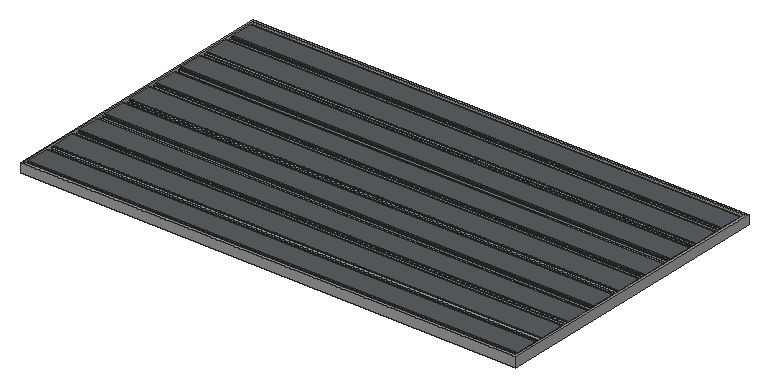
Revit family "Flooring_Entrance-Flooring_emco_MARSCHALL-Original", category Furniture Systems, host Face, Revit 2018
Family settings
  Host = Face
  Round Connector Dimension = Use Diameter
  Part Type = Normal
  OmniClass Number = 23.15.17.11.11
  OmniClass Title = Floor Toppings
  Cut with Voids When Loaded = No
  Shared = No
  Room Calculation Point = No
Parameters (values of type "Default - please load Revit Family Type Catalog")
  z_slot_width = if(Scraping edge, 15 mm, if(Brush strip, 19.5 mm, 5 mm))  # 5 mm
  z_slot_offest = z_insert_width + z_slot_width / 2  # 49 mm
  z_slot_no [instance] = z_insert_no - 1  # 8
  z_length_param [instance] = z_insert_no * z_insert_offset - z_insert_offset + z_insert_width + 10 mm  # 468.5 mm
  z_insert_length [instance] = Width - 10 mm  # 790 mm
  z_insert_width = if(Large, 46.5 mm, 30 mm)  # 46.5 mm
  z_insert_offset = z_insert_width + z_slot_width  # 51.5 mm
  z_insert_no [instance] = rounddown((Length - 10 mm - z_insert_width) / z_insert_offset) + 1  # 9
  z_edge_height = if(Height 12, 15.5 mm, if(Height 17, 20 mm, 25 mm))  # 15.5 mm
  z_Height = if(Height 12, 12 mm, if(Height 17, 17 mm, 22 mm))  # 12 mm
  Width [instance] = 800 mm
  Weight (kg/m2) = 95
  Version = 1
  URL = "https://www.emco-bau.com/en/"
  Tread surface = "Recessed, robust, weather-proof, ribbed carpet strips."
  Standard profile clearance approx. (mm) = "5 mm, rubber spacers"  # constant formula
  Slip resistance = "R 11 slip resistance as per DIN 51130"
  Scraping edge = no
  Profile width (mm) = "46.5 mm"
  Profile Material = Emco - Metal - Aluminium
  Product data url = "https://bimobject.com/emco-bautechnik-gmbh/product/emco-marschall-original"
  Product Material info [instance] = "Please choose the material from Emco material library according to the selected type."  # constant formula
  Product Material [instance] = Emco - Fabric - Ribbed carpet - 200 Anthracite
  Pile material = "100% PP (polypropylene)"
  Normal = not(Large)  # no
  Model = "Large With ribbed carpet insert 512 SLR"
  Manufacturer = "Emco"  # constant formula
  Length [instance] = 500 mm
  Large = yes
  Keynote = "12480.A1"
  Height 22 = no
  Height 17 = no
  Height 12 = yes
  Flammability = "Insert available on request (surcharge applicable) with fire classification Cfl-s1 according to EN 13501."
  EPIMID = "99871"
  Description = "Rollable and hard-wearing original entrance mat with standard insert for supported installation options."  # constant formula
  Default Elevation = 1219.2 mm
  Date Updated = "2023/08/22"  # constant formula
  Date Created = "2023/08/22"  # constant formula
  Colour fastness to water ISO 105 E01 = "good 5"
  Colour fastness to rubbing ISO 105 X12 = "good 4"
  Colour fastness to artificial light ISO 105-B02 = "good 6"
  Cassette brush = no
  Brush Colour Info [instance] = "Black or Gray"  # constant formula
  Brush Colour [instance] = Emco - Brush - Gray
  Brush strip = no
  Assembly Code = "E2010400"
Reference planes
  plane 1 "Center (Front/Back)": y = 0
  plane 2: z = 0
  plane 3 "Center (Left/Right)": x = 0
  plane 4: y = -234.25
  plane 5: y = 234.25
  plane 6: y = 250
  plane 7: y = -250
  plane 8: x = -400
  plane 9: x = 400
  plane 10: z = -12.5
  plane 11: y = -229.25
  plane 12: z = -15.5
  plane 13: y = -180.25
Forms (mm)
  Extrusion 1, void
    sketch origin (0, 0, 0) x (1, 0, 0) y (0, 1, 0)
      loop
        line (-400, -234.25) -> (400, -234.25) -> (400, 234.25) -> (-400, 234.25) -> (-400, -234.25)
    from -15.5 to 0
  Sweep 2, solid, material "Emco - Metal - Aluminium" <- "Profile Material"
    path origin (0, 0, 0) x (1, 0, 0) y (0, 1, 0)
      loop
        line (-400, 234.25) -> (-400, -234.25) -> (400, -234.25) -> (400, 234.25) -> (-400, 234.25)
    profile origin (0, 234.25, 0) x (0, 1, 0) y (0, 0, 1)
      loop
        line (-16.883, -12.5) -> (-16.883, -15.5) -> (0, -15.5) -> (0, 0) -> (-3.039, 0) -> (-3.039, -12.5) -> (-16.883, -12.5)
Lines and regions (mm)
  Masking region 1
    outline origin (0, 0, 0) x (1, 0, 0) y (0, 1, 0)
      loop
        line (-400, -234.25) -> (400, -234.25) -> (400, 234.25) -> (-400, 234.25) -> (-400, -234.25)
      loop
        line (-395, 229.25) -> (-395, -229.25) -> (395, -229.25) -> (395, 229.25) -> (-395, 229.25)
  reference lines
    curve 1: line (0, 0, -15.5) -> (0, 0, 4.5)
Dimensions and locks
  equal spacing: plane 5, plane 1 "Center (Front/Back)", plane 4
  "z_length_param": plane 5 to plane 4
  equal spacing: plane 6, plane 1 "Center (Front/Back)", plane 7
  "Length": plane 6 to plane 7
  equal spacing: plane 8, plane 3 "Center (Left/Right)", plane 9
  "Width": plane 8 to plane 9
  locked: plane 10 to Sweep 2 sketch curve at 3
  "z_edge_height": Sweep 2 sketch curve to Sweep 2 sketch curve
  locked: Sweep 2 sketch curve to profile plane at 3.039
  locked: plane 11 to plane 4 at 5
  locked: plane 12 to plane 10 at 3
  "z_edge_height": level to plane 12
  "z_slot_offest": plane 13 to plane 11
  equal spacing: group 2, group 3, group 4, group 5, group 6, group 7, group 14, group 15  (x3)
  "z_insert_offset": nested 3 to plane 13
  locked: nested 1 to plane 4 at 5
  locked: plane 8 to Masking region 1 sketch curve at 5
  locked: plane 5 to Masking region 1 sketch curve at 5
  locked: Masking region 1 sketch curve to plane 9 at 5
  equal spacing: group 1, group 8, group 9, group 10, group 11, group 12, group 13, group 16, group 17  (x3)
  "z_insert_offset": plane 11 to nested 8
  aligned and locked: plane 2 to host face
  aligned and locked: level to host face
  aligned and locked: Extrusion 1 sketch curve to plane 4
  aligned and locked: Extrusion 1 sketch curve to plane 8
  aligned and locked: plane 5 to Extrusion 1 sketch curve
  aligned and locked: plane 9 to Extrusion 1 sketch curve
  aligned and locked: Sweep 2 sketch curve to plane 5
  aligned and locked: plane 8 to Sweep 2 sketch curve
  aligned and locked: plane 4 to Sweep 2 sketch curve
  aligned and locked: Sweep 2 sketch curve to plane 9
  aligned and locked: plane 10 to Sweep 2 sketch curve
  aligned and locked: Sweep 2 sketch curve to profile plane
  aligned and locked: nested 1 to plane 11
  aligned and locked: Extrusion 1 to Sweep 2
  aligned and locked: nested 2 to plane 13
  aligned and locked: nested 2 to plane 10
  aligned and locked: nested 3 to plane 10
  aligned and locked: Masking region 1 sketch curve to Sweep 2  (x4)
  aligned and locked: nested 1 to plane 10  (x2)
  aligned and locked: nested 8 to plane 10
Automatic sketch dimensions
  host sketch curve to host sketch curve = 2438.4 mm  (x2)
  Masking region 1 sketch curve to plane 11 = 0 mm
  curve 1 to plane 1 "Center (Front/Back)" = 0 mm
  plane 12 to curve 1 = 0 mm
  level to curve 1 = 4.5 mm
  Sweep 2 sketch curve to Sweep 2 sketch curve = 13.844 mm
Nested families
  nested 1: "Insert Marschall" at (0, -229.25, -12.5), type "Insert"
    with Normal brush no, Large mat yes, Normal no, Large yes, Cassette brush no
  nested 2: "Insert additional" at (0, -180.25, -12.5), type "Insert"
  nested 3: "Insert additional" at (0, -128.75, -12.5), type "Insert"
  nested 4: "Insert additional" at (0, -77.25, -12.5), type "Insert"
  nested 5: "Insert additional" at (0, -25.75, -12.5), type "Insert"
  nested 6: "Insert additional" at (0, 25.75, -12.5), type "Insert"
  nested 7: "Insert additional" at (0, 77.25, -12.5), type "Insert"
  nested 8: "Insert Marschall" at (0, -177.75, -12.5), type "Insert"
    with Normal brush no, Large mat yes, Normal no, Large yes, Cassette brush no
  nested 9: "Insert Marschall" at (0, -126.25, -12.5), type "Insert"
    with Normal brush no, Large mat yes, Normal no, Large yes, Cassette brush no
  nested 10: "Insert Marschall" at (0, -74.75, -12.5), type "Insert"
    with Normal brush no, Large mat yes, Normal no, Large yes, Cassette brush no
  nested 11: "Insert Marschall" at (0, -23.25, -12.5), type "Insert"
    with Normal brush no, Large mat yes, Normal no, Large yes, Cassette brush no
  nested 12: "Insert Marschall" at (0, 28.25, -12.5), type "Insert"
    with Normal brush no, Large mat yes, Normal no, Large yes, Cassette brush no
  nested 13: "Insert Marschall" at (0, 79.75, -12.5), type "Insert"
    with Normal brush no, Large mat yes, Normal no, Large yes, Cassette brush no
  nested 14: "Insert additional" at (0, 128.75, -12.5), type "Insert"
  nested 15: "Insert additional" at (0, 180.25, -12.5), type "Insert"
  nested 16: "Insert Marschall" at (0, 131.25, -12.5), type "Insert"
    with Normal brush no, Large mat yes, Normal no, Large yes, Cassette brush no
  nested 17: "Insert Marschall" at (0, 182.75, -12.5), type "Insert"
    with Normal brush no, Large mat yes, Normal no, Large yes, Cassette brush no
Definition of nested family "Insert Marschall"
  Parameters (values of type "Insert")
    z_offest = if(Insert height < 17 mm, 5.9 mm, if(Insert height > 17 mm, 7.7 mm, 7.8 mm))  # 5.9 mm
    Normal mat = and(Normal, not(Cassette brush))  # no
    Normal brush = and(Normal, Cassette brush)  # yes
    Large mat = and(Large, not(Cassette brush))  # no
    Large brush = and(Large, Cassette brush)  # no
    Insert width = 790 mm
    Profile material = none
    Normal = yes
    Mat material = none
    Large = no
    Insert height = 12 mm
    Default Elevation = 1219.2 mm
    Cassette brush = yes
    Brush material = none
  Reference planes
    plane 1 "Center (Front/Back)": y = 0
    plane 2: z = 0
    plane 3 "Center (Left/Right)": x = 0
    plane 4: x = -395
    plane 5: x = 395
    plane 6: z = 12
    plane 7: z = 6.1
    plane 8: z = 9.5
  Forms (mm)
    Extrusion 1, solid, material <- "Profile material", visible <- "Normal", detail levels fine
      sketch origin (0, 13.75, 0) x (0, 1, 0) y (0, 0, 1)
        loop
          line (-13.75, 1) -> (16.25, 1) -> (16.25, 9.55) -> (15, 10.8) -> (11.993, 10.8) -> (11.993, 9.6) -> (14, 9.6) -> (14, 6.1) -> (-11.5, 6.1) -> (-11.5, 9.6) -> (-9.5, 9.6) -> (-9.5, 10.8) -> (-12.5, 10.8) -> (-13.75, 9.55) -> (-13.75, 1)
        loop
          line (-11.75, 2) -> (14.25, 2) -> (14.25, 5.1) -> (-11.75, 5.1) -> (-11.75, 2)
      from -395 to 395
    Extrusion 2, solid, visible <- "Normal", detail levels fine
      sketch origin (0, 13.75, 0) x (0, 1, 0) y (0, 0, 1)
        loop
          line (-10.25, 0) -> (12.75, 0) -> (12.75, 1) -> (-10.25, 1) -> (-10.25, 0)
      from -395 to 395
    Extrusion 3, solid, material <- "Profile material", visible <- "Normal mat", detail levels coarse+medium
      sketch origin (0, 13.75, 0) x (0, 1, 0) y (0, 0, 1)
        loop
          line (-13.75, 0) -> (16.25, 0) -> (16.25, 12) -> (-13.75, 12) -> (-13.75, 0)
      from -395 to 395
    Extrusion 4, solid, visible <- "Normal brush", detail levels fine
      sketch origin (0, 13.75, 0) x (0, 1, 0) y (0, 0, 1)
        loop
          line (-9.5, 9.5) -> (-9.5, 6.1) -> (11.993, 6.1) -> (11.993, 9.5) -> (-9.5, 9.5)
      from -395 to 395
    Extrusion 5, solid, material <- "Profile material", visible <- "Large", detail levels fine
      sketch origin (0, 22, 0) x (0, 1, 0) y (0, 0, 1)
        loop
          line (-22, 1) -> (24.5, 1) -> (24.5, 9.55) -> (23.25, 10.8) -> (20.243, 10.8) -> (20.243, 9.6) -> (22.25, 9.6) -> (22.25, 6.1) -> (-19.75, 6.1) -> (-19.75, 9.6) -> (-17.743, 9.6) -> (-17.743, 10.8) -> (-20.75, 10.8) -> (-22, 9.55) -> (-22, 1)
        loop
          line (-20, 2) -> (22.5, 2) -> (22.5, 5.1) -> (-20, 5.1) -> (-20, 2)
      from -395 to 395
    Extrusion 6, solid, visible <- "Large", detail levels fine
      sketch origin (0, 22, 0) x (0, 1, 0) y (0, 0, 1)
        loop
          line (-18.75, 0) -> (21.25, 0) -> (21.25, 1) -> (-18.75, 1) -> (-18.75, 0)
      from -395 to 395
    Extrusion 7, solid, material <- "Profile material", visible <- "Large mat", detail levels coarse+medium
      sketch origin (0, 22, 0) x (0, 1, 0) y (0, 0, 1)
        loop
          line (-22, 0) -> (24.5, 0) -> (24.5, 12) -> (-22, 12) -> (-22, 0)
      from -395 to 395
    Extrusion 8, solid, visible <- "Large brush", detail levels fine
      sketch origin (0, 22, 0) x (0, 1, 0) y (0, 0, 1)
        loop
          line (-17.743, 9.5) -> (-17.743, 6.1) -> (20.243, 6.1) -> (20.243, 9.5) -> (-17.743, 9.5)
      from -395 to 395
    Extrusion 9, solid, material <- "Brush material", visible <- "Normal brush"
      sketch origin (0, 0, 0) x (1, 0, 0) y (0, 1, 0)
        loop
          line (-389, 5.5) -> (389, 5.5)
          arc (389, 5.5) -> (391.121, 6.379) -> (392, 8.5) r 3
          line (392, 8.5) -> (392, 21.5)
          arc (392, 21.5) -> (391.121, 23.621) -> (389, 24.5) r 3
          line (389, 24.5) -> (-389, 24.5)
          arc (-389, 24.5) -> (-391.121, 23.621) -> (-392, 21.5) r 3
          line (-392, 21.5) -> (-392, 8.5)
          arc (-392, 8.5) -> (-391.121, 6.379) -> (-389, 5.5) r 3
      from 9.5 to 12
    Extrusion 10, solid, material <- "Brush material", visible <- "Large brush"
      sketch origin (0, 0, 0) x (1, 0, 0) y (0, 1, 0)
        loop
          line (-389, 5.5) -> (389, 5.5)
          arc (389, 5.5) -> (391.121, 6.379) -> (392, 8.5) r 3
          line (392, 8.5) -> (392, 38)
          arc (392, 38) -> (391.121, 40.121) -> (389, 41) r 3
          line (389, 41) -> (-389, 41)
          arc (-389, 41) -> (-391.121, 40.121) -> (-392, 38) r 3
          line (-392, 38) -> (-392, 8.5)
          arc (-392, 8.5) -> (-391.121, 6.379) -> (-389, 5.5) r 3
      from 9.5 to 12
    Extrusion 11, solid, material <- "Mat material", visible <- "Normal mat", detail levels fine
      sketch origin (0, 13.75, 0) x (0, 1, 0) y (0, 0, 1)
        loop
          line (-9.25, 12) -> (-9.25, 6.1) -> (11.75, 6.1) -> (11.75, 12) -> (-9.25, 12)
      from -395 to 395
    Extrusion 12, solid, material <- "Mat material", visible <- "Large mat", detail levels fine
      sketch origin (0, 22, 0) x (0, 1, 0) y (0, 0, 1)
        loop
          line (-17.5, 12) -> (-17.5, 6.1) -> (20, 6.1) -> (20, 12) -> (-17.5, 12)
      from -395 to 395
    Extrusion 13, solid, material <- "Profile material", visible <- "Normal brush", detail levels coarse+medium
      sketch origin (0, 13.75, 0) x (0, 1, 0) y (0, 0, 1)
        loop
          line (-13.75, 0) -> (16.25, 0) -> (16.25, 9.5) -> (-13.75, 9.5) -> (-13.75, 0)
      from -395 to 395
    Extrusion 14, solid, material <- "Profile material", visible <- "Large brush", detail levels coarse+medium
      sketch origin (0, 22, 0) x (0, 1, 0) y (0, 0, 1)
        loop
          line (-22, 0) -> (24.5, 0) -> (24.5, 9.5) -> (-22, 9.5) -> (-22, 0)
      from -395 to 395
  Lines and regions (mm)
    Masking region 1, visible <- "Large"
      outline origin (0, 0, 0) x (1, 0, 0) y (0, 1, 0)
        loop
          line (-395, 0) -> (395, 0) -> (395, 46.5) -> (-395, 46.5) -> (-395, 0)
    Masking region 2, visible <- "Normal"
      outline origin (0, 0, 0) x (1, 0, 0) y (0, 1, 0)
        loop
          line (-395, 0) -> (395, 0) -> (395, 30) -> (-395, 30) -> (-395, 0)
    symbolic lines, visible <- "Normal", detail levels fine
      curve 1: line (-395, 25.5, 0) -> (395, 25.5, 0)
    symbolic lines, detail levels fine
      curve 2: line (395, 4.5, 0) -> (-395, 4.5, 0)
    symbolic lines, visible <- "Large", detail levels fine
      curve 3: line (-395, 42, 0) -> (395, 42, 0)
  Dimensions and locks
    equal spacing: plane 4, plane 3 "Center (Left/Right)", plane 5
    "Insert width": plane 4 to plane 5
    "Insert height": plane 6 to level
    "z_offest": plane 6 to plane 7
    locked: plane 7 to Extrusion 1 sketch curve at 1
    Extrusion 1 sketch curve to Extrusion 1 sketch curve to level = 1 mm locked, 1 mm locked
    locked: Extrusion 2 sketch curve to level at 1
    locked: Extrusion 6 sketch curve to level at 1
    Extrusion 5 sketch curve to Extrusion 5 sketch curve to plane 7 = 1.2 mm locked, 3.5 mm locked  (x2)
    Extrusion 1 sketch curve to Extrusion 1 sketch curve to plane 7 = 1.2 mm locked, 3.5 mm locked  (x2)
    locked: Extrusion 1 sketch curve to plane 7 at 3.45  (x2)
    locked: plane 1 "Center (Front/Back)" to Extrusion 1 sketch curve at 1.25
    locked: plane 1 "Center (Front/Back)" to Extrusion 1 sketch curve at 28.75
    locked: Extrusion 5 sketch curve to plane 7 at 3.45  (x2)
    Extrusion 5 sketch curve to Extrusion 6 to level = 1 mm locked, 1 mm locked
    locked: plane 7 to Extrusion 5 sketch curve at 1
    locked: plane 6 to plane 8 at 2.5
    locked: plane 4 to Extrusion 9 sketch curve at 3
    locked: Extrusion 9 sketch curve to plane 5 at 3
    locked: plane 4 to Extrusion 10 sketch curve at 3
    locked: Extrusion 10 sketch curve to plane 5 at 3
    aligned and locked: level to plane 2
    aligned and locked: Extrusion 8 to plane 4
    aligned and locked: Extrusion 7 to plane 4
    aligned and locked: Extrusion 4 to plane 4
    aligned and locked: Extrusion 3 to plane 4
    aligned and locked: Extrusion 5 to plane 4
    aligned and locked: Extrusion 1 to plane 4
    aligned and locked: Extrusion 6 to plane 4
    aligned and locked: Extrusion 2 to plane 4
    aligned and locked: plane 5 to Extrusion 8
    aligned and locked: plane 5 to Extrusion 7
    aligned and locked: plane 5 to Extrusion 3
    aligned and locked: plane 5 to Extrusion 4
    aligned and locked: plane 5 to Extrusion 5
    aligned and locked: plane 5 to Extrusion 1
    aligned and locked: plane 5 to Extrusion 6
    aligned and locked: plane 5 to Extrusion 2
    aligned and locked: Extrusion 7 sketch curve to level
    aligned and locked: plane 6 to Extrusion 7 sketch curve
    aligned and locked: plane 6 to Extrusion 3 sketch curve
    aligned and locked: Extrusion 3 sketch curve to level
    aligned and locked: plane 7 to Extrusion 4 sketch curve
    aligned and locked: plane 7 to Extrusion 8 sketch curve
    aligned and locked: Extrusion 5 sketch curve to plane 7
    aligned and locked: Extrusion 1 sketch curve to plane 7
    aligned and locked: Extrusion 7 to Masking region 1 sketch curve
    aligned and locked: Masking region 1 sketch curve to Extrusion 7
    aligned and locked: Extrusion 3 to Masking region 2 sketch curve
    aligned and locked: Masking region 2 sketch curve to Extrusion 3
    aligned and locked: Extrusion 8 sketch curve to plane 8
    aligned and locked: Extrusion 4 sketch curve to plane 8
    aligned and locked: Extrusion 9 to plane 8
    aligned and locked: plane 6 to Extrusion 9
    aligned and locked: Extrusion 10 to plane 8
    aligned and locked: plane 6 to Extrusion 10
    aligned and locked: Extrusion 11 sketch curve to plane 6
    aligned and locked: Extrusion 12 sketch curve to plane 6
    aligned and locked: Extrusion 12 to plane 4
    aligned and locked: Extrusion 11 to plane 4
    aligned and locked: plane 5 to Extrusion 12
    aligned and locked: plane 5 to Extrusion 11
    aligned and locked: Extrusion 13 sketch curve to level
    aligned and locked: Extrusion 14 sketch curve to level
    aligned and locked: Extrusion 14 to plane 4
    aligned and locked: Extrusion 13 to plane 4
    aligned and locked: plane 5 to Extrusion 14
    aligned and locked: plane 5 to Extrusion 13
    aligned and locked: plane 8 to Extrusion 14 sketch curve
    aligned and locked: plane 8 to Extrusion 13 sketch curve
  Automatic sketch dimensions
    Extrusion 2 sketch curve to level = 0 mm
    Extrusion 2 sketch curve to plane 1 "Center (Front/Back)" = 3.5 mm
    Extrusion 2 sketch curve to plane 1 "Center (Front/Back)" = 26.5 mm
    Extrusion 6 sketch curve to level = 0 mm
    Extrusion 6 sketch curve to plane 1 "Center (Front/Back)" = 3.25 mm
    Extrusion 6 sketch curve to plane 1 "Center (Front/Back)" = 43.25 mm
    plane 1 "Center (Front/Back)" to Extrusion 7 sketch curve = 0 mm
    Extrusion 7 sketch curve to plane 1 "Center (Front/Back)" = 46.5 mm
    Extrusion 3 sketch curve to plane 1 "Center (Front/Back)" = 0 mm
    Extrusion 3 sketch curve to plane 1 "Center (Front/Back)" = 30 mm
    curve 3 to plane 4 = 0 mm
    curve 2 to plane 4 = 0 mm
    curve 1 to plane 4 = 0 mm
    curve 2 to plane 5 = 0 mm
    curve 3 to plane 5 = 0 mm
    curve 1 to plane 5 = 0 mm
    curve 2 to plane 1 "Center (Front/Back)" = 4.5 mm
    curve 2 to curve 1 = 21 mm
    curve 1 to curve 3 = 16.5 mm
    Extrusion 1 sketch curve to plane 1 "Center (Front/Back)" = 2 mm
    Extrusion 1 sketch curve to Extrusion 1 sketch curve = 0.25 mm  (x2)
    Extrusion 1 sketch curve to Extrusion 1 sketch curve = 2 mm  (x2)
    Extrusion 1 sketch curve to Extrusion 1 sketch curve = 2.007 mm
    Extrusion 1 sketch curve to plane 1 "Center (Front/Back)" = 0 mm
    Extrusion 1 sketch curve to Extrusion 1 sketch curve = 1.25 mm
    Extrusion 5 sketch curve to plane 1 "Center (Front/Back)" = 0 mm
    Extrusion 5 sketch curve to plane 1 "Center (Front/Back)" = 1.25 mm
    Extrusion 5 sketch curve to plane 1 "Center (Front/Back)" = 2 mm
    Extrusion 5 sketch curve to Extrusion 5 sketch curve = 1 mm  (x2)
    Extrusion 5 sketch curve to Extrusion 5 sketch curve = 2.007 mm  (x2)
    Extrusion 5 sketch curve to Extrusion 5 sketch curve = 37.985 mm
    Extrusion 5 sketch curve to Extrusion 5 sketch curve = 0.25 mm
    Extrusion 5 sketch curve to Extrusion 5 sketch curve = 1.25 mm
    level to Extrusion 5 sketch curve = 1 mm
    plane 1 "Center (Front/Back)" to Masking region 1 sketch curve = 0 mm
    Masking region 1 sketch curve to plane 1 "Center (Front/Back)" = 46.5 mm
    plane 1 "Center (Front/Back)" to Masking region 2 sketch curve = 0 mm
    Masking region 2 sketch curve to plane 1 "Center (Front/Back)" = 30 mm
    Extrusion 8 sketch curve to plane 1 "Center (Front/Back)" = 4.257 mm
    Extrusion 8 sketch curve to Extrusion 8 sketch curve = 37.985 mm
    Extrusion 9 sketch curve to Extrusion 9 sketch curve = 3 mm  (x2)
    Extrusion 9 sketch curve to plane 5 = 6 mm  (x2)
    Extrusion 9 sketch curve to plane 1 "Center (Front/Back)" = 5.5 mm
    Extrusion 9 sketch curve to Extrusion 9 sketch curve = 13 mm
    Extrusion 10 sketch curve to Extrusion 10 sketch curve = 3 mm  (x3)
    Extrusion 10 sketch curve to plane 5 = 6 mm
    Extrusion 10 sketch curve to plane 1 "Center (Front/Back)" = 5.5 mm
    Extrusion 10 sketch curve to Extrusion 10 sketch curve = 29.5 mm
    Extrusion 11 sketch curve to plane 7 = 0 mm
    Extrusion 11 sketch curve to plane 1 "Center (Front/Back)" = 4.5 mm
    Extrusion 11 sketch curve to Extrusion 11 sketch curve = 21 mm
    Extrusion 12 sketch curve to plane 7 = 0 mm
    Extrusion 12 sketch curve to plane 1 "Center (Front/Back)" = 4.5 mm
    Extrusion 12 sketch curve to Extrusion 12 sketch curve = 37.5 mm
    Extrusion 4 sketch curve to plane 1 "Center (Front/Back)" = 4.25 mm
    Extrusion 4 sketch curve to Extrusion 4 sketch curve = 21.493 mm
    Extrusion 14 sketch curve to plane 1 "Center (Front/Back)" = 0 mm
    Extrusion 14 sketch curve to plane 1 "Center (Front/Back)" = 46.5 mm
    Extrusion 13 sketch curve to plane 1 "Center (Front/Back)" = 0 mm
    Extrusion 13 sketch curve to plane 1 "Center (Front/Back)" = 30 mm
Definition of nested family "Insert additional"
  Parameters (values of type "Insert")
    z_offest = if(Insert height < 17 mm, 4.5 mm, if(Insert height > 17 mm, 10.6 mm, 7.8 mm))  # 4.5 mm
    Insert width = 5 mm
    Scraping_edge_17/22 = and(or(Insert height = 17 mm, Insert height = 22 mm), Scraping edge)  # no
    Scraping_edge_12 = and(Insert height = 12 mm, Scraping edge)  # no
    Scraping edge = no
    None = not(or(Brush strip, Scraping edge))  # yes
    Insert length = 790 mm
    Profile material = none
    Insert height = 12 mm
    Brush strip material = none
    Brush strip = no
  Reference planes
    plane 1 "Center (Front/Back)": y = 0
    plane 2: z = 0
    plane 3 "Center (Left/Right)": x = 0
    plane 4: x = -395
    plane 5: x = 395
    plane 6: z = 12
    plane 7: z = 7.5
    plane 8: y = -2.5
    plane 9: y = 2.5
  Forms (mm)
    Extrusion 1, solid, material <- "Profile material", visible <- "Brush strip", detail levels fine
      sketch origin (0, 0, 0) x (0, 1, 0) y (0, 0, 1)
        loop
          line (-4.75, 1) -> (4.75, 1) -> (4.75, 8.3)
          arc (4.75, 8.3) -> (4.369, 9.219) -> (3.45, 9.6) r 1.3
          line (3.45, 9.6) -> (2.1, 9.6) -> (2.1, 8.6) -> (3.75, 8.6) -> (3.75, 5.6) -> (-3.75, 5.6) -> (-3.75, 8.6) -> (-2.1, 8.6) -> (-2.1, 9.6) -> (-3.45, 9.6)
          arc (-3.45, 9.6) -> (-4.369, 9.219) -> (-4.75, 8.3) r 1.3
          line (-4.75, 8.3) -> (-4.75, 1)
        loop
          line (3.75, 4.6) -> (-3.75, 4.6) -> (-3.75, 2.4) -> (3.75, 2.4) -> (3.75, 4.6)
      from -395 to 395
    Extrusion 2, solid, material <- "Profile material", visible <- "Brush strip", detail levels coarse+medium
      sketch origin (0, 0, 0) x (0, 1, 0) y (0, 0, 1)
        loop
          line (-4.75, 1) -> (4.75, 1) -> (4.75, 12) -> (-4.75, 12) -> (-4.75, 1)
      from -395 to 395
    Extrusion 3, solid, material <- "Brush strip material", visible <- "Brush strip", detail levels fine
      sketch origin (0, 0, 0) x (0, 1, 0) y (0, 0, 1)
        loop
          line (-2, 12) -> (-2, 7.5) -> (2, 7.5) -> (2, 12) -> (-2, 12)
      from -395 to 395
    Extrusion 4, solid, visible <- "Brush strip"
      sketch origin (0, 0, 0) x (0, 1, 0) y (0, 0, 1)
        loop
          line (-2.5, 1.25) -> (-2.5, 7.5) -> (-4.75, 7.5) -> (-4.75, 1.25) -> (-2.5, 1.25)
        loop
          line (4.75, 1.25) -> (4.75, 7.5) -> (2.5, 7.5) -> (2.5, 1.25) -> (4.75, 1.25)
      from -395 to 395
    Extrusion 5, solid, visible <- "None"
      sketch origin (0, 0, 0) x (0, 1, 0) y (0, 0, 1)
        loop
          line (-2.5, 1.25) -> (2.5, 1.25) -> (2.5, 7.5) -> (-2.5, 7.5) -> (-2.5, 1.25)
      from -395 to 395
    Extrusion 6, solid, material <- "Profile material", visible <- "Scraping_edge_17/22"
      sketch origin (0, 0, 0) x (0, 1, 0) y (0, 0, 1)
        loop
          line (-1.5, 1) -> (1.5, 1) -> (1.5, 4.831)
          arc (1.5, 4.831) -> (1.894, 6.584) -> (3, 8) r 4.097
          line (3, 8) -> (3, 10) -> (2, 11) -> (0, 9) -> (-2, 11) -> (-3, 10) -> (-3, 8)
          arc (-3, 8) -> (-1.894, 6.584) -> (-1.5, 4.831) r 4.097
          line (-1.5, 4.831) -> (-1.5, 1)
      from -395 to 395
    Extrusion 7, solid, visible <- "Scraping edge"
      sketch origin (0, 0, 0) x (0, 1, 0) y (0, 0, 1)
        loop
          line (-2.5, 1.25) -> (-1.5, 1.25) -> (-1.5, 7.5) -> (-2.5, 7.5) -> (-2.5, 1.25)
        loop
          line (1.5, 1.25) -> (2.5, 1.25) -> (2.5, 7.5) -> (1.5, 7.5) -> (1.5, 1.25)
      from -395 to 395
    Extrusion 8, solid, material <- "Profile material", visible <- "Scraping_edge_12"
      sketch origin (0, 0, 0) x (0, 1, 0) y (0, 0, 1)
        loop
          line (-1.5, 1) -> (1.5, 1) -> (1.5, 8.5) -> (2.482, 9.732) -> (2, 11.5) -> (1, 10.5) -> (0, 11.5) -> (-1, 10.5) -> (-2, 11.5) -> (-2.482, 9.732) -> (-1.5, 8.5) -> (-1.5, 1)
      from -395 to 395
  Lines and regions (mm)
    Masking region 1
      outline origin (0, 0, 0) x (1, 0, 0) y (0, 1, 0)
        loop
          line (-395, -2.5) -> (395, -2.5) -> (395, 2.5) -> (-395, 2.5) -> (-395, -2.5)
    reference lines
      curve 1: line (0, -2.5, 0) -> (0, 2.5, 0)
    symbolic lines, visible <- "Brush strip", detail levels fine
      curve 2: line (-395, 4.75, 0) -> (395, 4.75, 0)
      curve 3: line (395, -4.75, 0) -> (-395, -4.75, 0)
      curve 4: line (-395, -2, 0) -> (395, -2, 0)
      curve 5: line (395, 2, 0) -> (-395, 2, 0)
    symbolic lines, visible <- "Scraping edge", detail levels fine
      curve 6: line (-395, 2.482, 0) -> (395, 2.482, 0)
      curve 7: line (395, -2.482, 0) -> (-395, -2.482, 0)
      curve 8: line (-395, 0, 0) -> (395, 0, 0)
  Dimensions and locks
    equal spacing: plane 4, plane 3 "Center (Left/Right)", plane 5
    "Insert length": plane 4 to plane 5
    "Insert height": plane 6 to level
    "z_offest": plane 6 to plane 7
    locked: Extrusion 2 sketch curve to level at 1
    plane 6 to Extrusion 6 sketch curve to Extrusion 6 sketch curve to Extrusion 6 sketch curve to Extrusion 6 sketch curve to Extrusion 6 sketch curve to Extrusion 6 sketch curve to Extrusion 6 sketch curve = 1 mm locked, 0 mm locked, 1 mm locked, 0 mm locked, 1 mm locked, 1 mm locked, 0 mm locked
    Extrusion 1 sketch curve to Extrusion 1 sketch curve to level = 1.4 mm locked, 1 mm locked
    plane 7 to Extrusion 1 sketch curve to Extrusion 1 sketch curve = 1.9 mm locked, 1 mm locked
    plane 6 to Extrusion 1 sketch curve to Extrusion 1 sketch curve to Extrusion 1 sketch curve to Extrusion 1 sketch curve = 2.4 mm locked, 0 mm locked, 1 mm locked, 0 mm locked
    Extrusion 4 sketch curve to Extrusion 4 sketch curve to level = 0 mm locked, 1.25 mm locked
    Extrusion 7 sketch curve to Extrusion 7 sketch curve to level = 0 mm locked, 1.25 mm locked
    locked: Extrusion 5 sketch curve to level at 1.25
    Extrusion 6 sketch curve to plane 1 "Center (Front/Back)" to Extrusion 6 sketch curve = 3 mm locked, 3 mm locked
    Extrusion 6 sketch curve to plane 1 "Center (Front/Back)" to Extrusion 6 sketch curve = 1.5 mm locked, 1.5 mm locked
    plane 6 to Extrusion 6 sketch curve to Extrusion 6 sketch curve = 7.169 mm locked, 0 mm locked
    Extrusion 8 sketch curve to Extrusion 8 sketch curve to Extrusion 8 sketch curve to Extrusion 8 sketch curve to Extrusion 8 sketch curve to Extrusion 8 sketch curve to Extrusion 8 sketch curve to Extrusion 8 sketch curve to Extrusion 8 sketch curve to Extrusion 8 sketch curve to level = 0 mm locked, 0 mm locked, 1 mm locked, 0 mm locked, 0.768 mm locked, 0 mm locked, 1.232 mm locked, 0 mm locked, 7.5 mm locked, 1 mm locked
    Extrusion 8 sketch curve to plane 1 "Center (Front/Back)" to Extrusion 8 sketch curve = 1.5 mm locked, 1.5 mm locked
    Extrusion 8 sketch curve to Extrusion 8 sketch curve to Extrusion 8 sketch curve to plane 1 "Center (Front/Back)" to Extrusion 8 sketch curve to Extrusion 8 sketch curve to Extrusion 8 sketch curve = 0.482 mm locked, 1 mm locked, 1 mm locked, 1 mm locked, 1 mm locked, 0.482 mm locked
    equal spacing: plane 8, plane 1 "Center (Front/Back)", plane 9
    "Insert width": plane 8 to plane 9
    Extrusion 7 sketch curve to plane 1 "Center (Front/Back)" to Extrusion 7 sketch curve = 1.5 mm locked, 1.5 mm locked
    locked: Extrusion 6 sketch curve to level at 1
    aligned and locked: level to plane 2
    aligned and locked: Extrusion 3 to plane 4
    aligned and locked: Extrusion 2 to plane 4
    aligned and locked: Extrusion 1 to plane 4
    aligned and locked: plane 5 to Extrusion 3
    aligned and locked: plane 5 to Extrusion 2
    aligned and locked: plane 5 to Extrusion 1
    aligned and locked: plane 6 to Extrusion 2 sketch curve
    aligned and locked: plane 7 to Extrusion 3 sketch curve
    aligned and locked: Extrusion 3 sketch curve to plane 6
    aligned and locked: plane 7 to Extrusion 4 sketch curve
    aligned and locked: Extrusion 4 to plane 4
    aligned and locked: plane 5 to Extrusion 4
    aligned and locked: plane 7 to Extrusion 5 sketch curve
    aligned and locked: plane 5 to Extrusion 5
    aligned and locked: Extrusion 5 to plane 4
    aligned and locked: plane 7 to Extrusion 7 sketch curve  (x2)
    aligned and locked: plane 1 "Center (Front/Back)" to Extrusion 8 sketch curve
    aligned and locked: plane 8 to Extrusion 7 sketch curve
    aligned and locked: plane 9 to Extrusion 7 sketch curve
    aligned and locked: curve 1 to level
    aligned and locked: Extrusion 7 to plane 4
    aligned and locked: Extrusion 6 to plane 4
    aligned and locked: Extrusion 8 to plane 4
    aligned and locked: plane 5 to Extrusion 7
    aligned and locked: plane 5 to Extrusion 6
    aligned and locked: plane 5 to Extrusion 8
    aligned and locked: plane 9 to Extrusion 4 sketch curve
    aligned and locked: plane 8 to Extrusion 4 sketch curve
    aligned and locked: Masking region 1 sketch curve to Extrusion 4  (x2)
    aligned and locked: Extrusion 4 to Masking region 1 sketch curve  (x2)
  Automatic sketch dimensions
    plane 1 "Center (Front/Back)" to Extrusion 1 sketch curve = 3.75 mm
    Extrusion 1 sketch curve to Extrusion 1 sketch curve = 1 mm  (x2)
    Extrusion 1 sketch curve to Extrusion 1 sketch curve = 0.3 mm  (x3)
    Extrusion 1 sketch curve to Extrusion 1 sketch curve = 1.35 mm  (x2)
    Extrusion 1 sketch curve to plane 1 "Center (Front/Back)" = 2.1 mm
    Extrusion 1 sketch curve to plane 1 "Center (Front/Back)" = 3.75 mm
    plane 1 "Center (Front/Back)" to Extrusion 3 sketch curve = 2 mm
    Extrusion 3 sketch curve to plane 1 "Center (Front/Back)" = 2 mm
    plane 1 "Center (Front/Back)" to Extrusion 2 sketch curve = 4.75 mm
    Extrusion 2 sketch curve to plane 1 "Center (Front/Back)" = 4.75 mm
    Extrusion 6 sketch curve to plane 1 "Center (Front/Back)" = 0 mm
    curve 1 to plane 8 = 0 mm
    curve 1 to plane 9 = 0 mm
    Extrusion 4 sketch curve to plane 7 = 0 mm
    plane 1 "Center (Front/Back)" to Extrusion 4 sketch curve = 4.75 mm
    Extrusion 4 sketch curve to plane 1 "Center (Front/Back)" = 4.75 mm
    curve 2 to plane 4 = 0 mm
    plane 1 "Center (Front/Back)" to curve 8 = 0 mm
    curve 8 to plane 4 = 0 mm
    curve 7 to plane 4 = 0 mm
    curve 3 to plane 4 = 0 mm
    curve 4 to plane 4 = 0 mm
    curve 6 to plane 4 = 0 mm
    curve 5 to plane 4 = 0 mm
    curve 4 to plane 5 = 0 mm
    curve 6 to plane 5 = 0 mm
    curve 7 to plane 5 = 0 mm
    curve 3 to plane 5 = 0 mm
    curve 2 to plane 5 = 0 mm
    curve 8 to plane 5 = 0 mm
    curve 5 to plane 5 = 0 mm
    plane 1 "Center (Front/Back)" to curve 4 = 2 mm
    curve 7 to curve 4 = 0.482 mm
    curve 3 to curve 7 = 2.268 mm
    curve 5 to plane 1 "Center (Front/Back)" = 2 mm
    curve 5 to curve 6 = 0.482 mm
    curve 6 to curve 2 = 2.268 mm
    plane 1 "Center (Front/Back)" to Extrusion 5 sketch curve = 2.5 mm
    Extrusion 5 sketch curve to plane 1 "Center (Front/Back)" = 2.5 mm
Types in the file's own list only (27): name | z_slot_width | z_slot_offest | z_insert_width | z_insert_offset | z_edge_height | z_Height | Weight (kg/m2) | Tread surface | Slip resistance | Scraping edge | Profile width (mm) | Pile material | Normal | Model | Large | Height 22 | Height 17 | Height 12 | Flammability | EPIMID | Default Elevation | Colour fastness to water ISO 105 E01 | Colour fastness to rubbing ISO 105 X12 | Colour fastness to artificial light ISO 105-B02 | Cassette brush | Brush strip
  Large With ribbed carpet insert 512 SLR | 5 mm | 49 mm | 47 mm | 52 mm | 16 mm | 12 mm | 95 | "Recessed, robust, weather-proof, ribbed carpet strips." | "R 11 slip resistance as per DIN 51130" | No | "46.5 mm" | "100% PP (polypropylene)" | No | "Large With ribbed carpet insert 512 SLR" | Yes | No | No | Yes | "Insert available on request (surcharge applicable) with fire classification Cfl-s1 according to EN 13501." | "99871" | 1219 mm | "good 5" | "good 4" | "good 6" | No | No
  Large With ribbed carpet insert 517 SLR | 5 mm | 49 mm | 47 mm | 52 mm | 20 mm | 17 mm | 119 | "Recessed, robust, weather-proof, ribbed carpet strips." | "R 11 slip resistance as per DIN 51130" | No | "46.5 mm" | "100% PP (polypropylene)" | No | "Large With ribbed carpet insert 517 SLR" | Yes | No | Yes | No | "Insert available on request (surcharge applicable) with fire classification Cfl-s1 according to EN 13501." | "99873" | 1219 mm | "good 5" | "good 4" | "good 6" | No | No
  Large With ribbed carpet insert 522 SLR | 5 mm | 49 mm | 47 mm | 52 mm | 25 mm | 22 mm | 13.2 | "Recessed, robust, weather-proof, ribbed carpet strips." | "R 11 slip resistance as per DIN 51130" | No | "46.5 mm" | "100% PP (polypropylene)" | No | "Large With ribbed carpet insert 522 SLR" | Yes | Yes | No | No | "Insert available on request (surcharge applicable) with fire classification Cfl-s1 according to EN 13501." | "99875" | 1219 mm | "good 5" | "good 4" | "good 6" | No | No
  Large With ribbed carpet insert and brush strip 517 SLRB | 20 mm | 56 mm | 47 mm | 66 mm | 20 mm | 17 mm | 121 | "Recessed, robust, weather-proof, ribbed carpet strips, also with brush strips mounted between the profiles." | "-" | No | "46.5 mm" | "100% PP (polypropylene)" | No | "Large With ribbed carpet insert and brush strip 517 SLRB" | Yes | No | Yes | No | "Insert available on request (surcharge applicable) with fire classification Cfl-s1 according to EN 13501." | "99939" | 1219 mm | "good 5" | "good 4" | "good 6" | No | Yes
  Large With ribbed carpet insert and brush strip 522 SLRB | 20 mm | 56 mm | 47 mm | 66 mm | 25 mm | 22 mm | 13.4 | "Recessed, robust, weather-proof, ribbed carpet strips, also with brush strips mounted between the profiles." | "-" | No | "46.5 mm" | "100% PP (polypropylene)" | No | "Large With ribbed carpet insert and brush strip 522 SLRB" | Yes | Yes | No | No | "Insert available on request (surcharge applicable) with fire classification Cfl-s1 according to EN 13501." | "99941" | 1219 mm | "good 5" | "good 4" | "good 6" | No | Yes
  Large With ribbed carpet insert and scraper bar 512 SLRK | 15 mm | 54 mm | 47 mm | 62 mm | 16 mm | 12 mm | 95 | "Recessed, robust, weather-proof, ribbed carpet strips, also with scraper bars mounted between the profiles." | "-" | Yes | "46.5 mm" | "100% PP (polypropylene)" | No | "Large With ribbed carpet insert and scraper bar 512 SLRK" | Yes | No | No | Yes | "Insert available on request (surcharge applicable) with fire classification Cfl-s1 according to EN 13501." | "99944" | 1219 mm | "good 5" | "good 4" | "good 6" | No | No
  Large With ribbed carpet insert and scraper bar 517 SLRK | 15 mm | 54 mm | 47 mm | 62 mm | 20 mm | 17 mm | 12.3 | "Recessed, robust, weather-proof, ribbed carpet strips, also with scraper bars mounted between the profiles." | "-" | Yes | "46.5 mm" | "100% PP (polypropylene)" | No | "Large With ribbed carpet insert and scraper bar 517 SLRK" | Yes | No | Yes | No | "Insert available on request (surcharge applicable) with fire classification Cfl-s1 according to EN 13501." | "99945" | 1219 mm | "good 5" | "good 4" | "good 6" | No | No
  Large With ribbed carpet insert and scraper bar 522 SLRK | 15 mm | 54 mm | 47 mm | 62 mm | 25 mm | 22 mm | 141 | "Recessed, robust, weather-proof, ribbed carpet strips, also with scraper bars mounted between the profiles." | "-" | Yes | "46.5 mm" | "100% PP (polypropylene)" | No | "Large With ribbed carpet insert and scraper bar 522 SLRK" | Yes | Yes | No | No | "Insert available on request (surcharge applicable) with fire classification Cfl-s1 according to EN 13501." | "99947" | 1219 mm | "good 5" | "good 4" | "good 6" | No | No
  With cassette brush 512 SCB | 5 mm | 33 mm | 30 mm | 35 mm | 16 mm | 12 mm | 167 | "Recessed, robust, weather-proof cassette sections, equipped with brush bundles arranged parallel to one another. Actual mat height: + 1 to 2 mm." | "R 13 slip resistance as per DIN 51130" | No | "30 mm" | "-" | Yes | "With cassette brush 512 SCB" | No | No | No | Yes | "Complete mat system (for bristle bundles in black) available on request (surcharge applicable) with fire classification Cfl-s1 according to EN 13501." | "99884" | 1219 mm | "-" | "-" | "-" | Yes | No
  With cassette brush 517 SCB | 5 mm | 33 mm | 30 mm | 35 mm | 20 mm | 17 mm | 194 | "Recessed, robust, weather-proof cassette sections, equipped with brush bundles arranged parallel to one another. Actual mat height: + 1 to 2 mm." | "R 13 slip resistance as per DIN 51130" | No | "30 mm" | "-" | Yes | "With cassette brush 517 SCB" | No | No | Yes | No | "Complete mat system (for bristle bundles in black) available on request (surcharge applicable) with fire classification Cfl-s1 according to EN 13501." | "99882" | 1219 mm | "-" | "-" | "-" | Yes | No
  With cassette brush 522 SCB | 5 mm | 33 mm | 30 mm | 35 mm | 25 mm | 22 mm | 215 | "Recessed, robust, weather-proof cassette sections, equipped with brush bundles arranged parallel to one another. Actual mat height: + 1 to 2 mm." | "R 13 slip resistance as per DIN 51130" | No | "30 mm" | "-" | Yes | "With cassette brush 522 SCB" | No | Yes | No | No | "Complete mat system (for bristle bundles in black) available on request (surcharge applicable) with fire classification Cfl-s1 according to EN 13501." | "99883" | 1219 mm | "-" | "-" | "-" | Yes | No
  With ribbed carpet insert 512 SR | 5 mm | 33 mm | 30 mm | 35 mm | 16 mm | 12 mm | 11 | "Recessed, robust, weather-proof, ribbed carpet strips." | "R 11 slip resistance as per DIN 51130" | No | "30 mm" | "100% PP (polypropylene)" | Yes | "With ribbed carpet insert 512 SR" | No | No | No | Yes | "Insert available on request (surcharge applicable) with fire classification Cfl-s1 according to EN 13501." | "99870" | 1219 mm | "good 5" | "good 4" | "good 6" | No | No
  With ribbed carpet insert 517 SR | 5 mm | 33 mm | 30 mm | 35 mm | 20 mm | 17 mm | 13.7 | "Recessed, robust, weather-proof, ribbed carpet strips." | "R 11 slip resistance as per DIN 51130" | No | "30 mm" | "100% PP (polypropylene)" | Yes | "With ribbed carpet insert 517 SR" | No | No | Yes | No | "Insert available on request (surcharge applicable) with fire classification Cfl-s1 according to EN 13501." | "99872" | 1219 mm | "good 5" | "good 4" | "good 6" | No | No
  With ribbed carpet insert 522 SR | 5 mm | 33 mm | 30 mm | 35 mm | 25 mm | 22 mm | 14.7 | "Recessed, robust, weather-proof, ribbed carpet strips." | "R 11 slip resistance as per DIN 51130" | No | "30 mm" | "100% PP (polypropylene)" | Yes | "With ribbed carpet insert 522 SR" | No | Yes | No | No | "Insert available on request (surcharge applicable) with fire classification Cfl-s1 according to EN 13501." | "99874" | 1219 mm | "good 5" | "good 4" | "good 6" | No | No
  With ribbed carpet insert and brush strip 517 SRB | 20 mm | 40 mm | 30 mm | 50 mm | 20 mm | 17 mm | 12.5 | "Recessed, robust, weather-proof, ribbed carpet strips, also with brush strips mounted between the profiles." | "-" | No | "30 mm" | "100% PP (polypropylene)" | Yes | "With ribbed carpet insert and brush strip 517 SRB" | No | No | Yes | No | "Insert available on request (surcharge applicable) with fire classification Cfl-s1 according to EN 13501." | "99938" | 1219 mm | "good 5" | "good 4" | "good 6" | No | Yes
  With ribbed carpet insert and brush strip 522 SRB | 20 mm | 40 mm | 30 mm | 50 mm | 25 mm | 22 mm | 14.3 | "Recessed, robust, weather-proof, ribbed carpet strips, also with brush strips mounted between the profiles." | "-" | No | "30 mm" | "100% PP (polypropylene)" | Yes | "With ribbed carpet insert and brush strip 522 SRB" | No | Yes | No | No | "Insert available on request (surcharge applicable) with fire classification Cfl-s1 according to EN 13501." | "99940" | 1219 mm | "good 5" | "good 4" | "good 6" | No | Yes
  With ribbed carpet insert and scraper bar 512 SRK | 15 mm | 38 mm | 30 mm | 45 mm | 16 mm | 12 mm | 10.8 | "Recessed, robust, weather-proof, ribbed carpet strips, also with scraper bars mounted between the profiles." | "-" | Yes | "30 mm" | "100% PP (polypropylene)" | Yes | "With ribbed carpet insert and scraper bar 512 SRK" | No | No | No | Yes | "Insert available on request (surcharge applicable) with fire classification Cfl-s1 according to EN 13501." | "99942" | 1219 mm | "good 5" | "good 4" | "good 6" | No | No
  With ribbed carpet insert and scraper bar 517 SRK | 15 mm | 38 mm | 30 mm | 45 mm | 20 mm | 17 mm | 13.4 | "Recessed, robust, weather-proof, ribbed carpet strips, also with scraper bars mounted between the profiles." | "-" | Yes | "30 mm" | "100% PP (polypropylene)" | Yes | "With ribbed carpet insert and scraper bar 517 SRK" | No | No | Yes | No | "Insert available on request (surcharge applicable) with fire classification Cfl-s1 according to EN 13501." | "99943" | 1219 mm | "good 5" | "good 4" | "good 6" | No | No
  With ribbed carpet insert and scraper bar 522 SRK | 15 mm | 38 mm | 30 mm | 45 mm | 25 mm | 22 mm | 16 | "Recessed, robust, weather-proof, ribbed carpet strips, also with scraper bars mounted between the profiles." | "-" | Yes | "30 mm" | "100% PP (polypropylene)" | Yes | "With ribbed carpet insert and scraper bar 522 SRK" | No | Yes | No | No | "Insert available on request (surcharge applicable) with fire classification Cfl-s1 according to EN 13501." | "99946" | 1219 mm | "good 5" | "good 4" | "good 6" | No | No
  With rubber insert 512 SG | 5 mm | 33 mm | 30 mm | 35 mm | 16 mm | 12 mm | 15.5 | "Recessed, robust, weather-proof profiled rubber inserts." | "R 9 slip resistance as per DIN 51130" | No | "30 mm" | "-" | Yes | "With rubber insert 512 SG" | No | No | No | Yes | "Complete mat system available on request (surcharge applicable) with fire classification Bfl-s1 according to EN 13501." | "99879" | 1219 mm | "-" | "-" | "-" | No | No
  With rubber insert 512 SGK | 5 mm | 33 mm | 30 mm | 35 mm | 20 mm | 17 mm | 18.2 | "Recessed, robust, weather-proof profiled rubber inserts." | "R 9 slip resistance as per DIN 51130" | No | "30 mm" | "-" | Yes | "With rubber insert 517 SG" | No | No | Yes | No | "Complete mat system available on request (surcharge applicable) with fire classification Bfl-s1 according to EN 13501." | "99877" | 1219 mm | "-" | "-" | "-" | No | No
  With rubber insert 517 SG | 5 mm | 33 mm | 30 mm | 35 mm | 25 mm | 22 mm | 20.3 | "Recessed, robust, weather-proof profiled rubber inserts." | "R 9 slip resistance as per DIN 51130" | No | "30 mm" | "-" | Yes | "With rubber insert 522 SG" | No | Yes | No | No | "Complete mat system available on request (surcharge applicable) with fire classification Bfl-s1 according to EN 13501." | "99878" | 1219 mm | "-" | "-" | "-" | No | No
  With rubber insert 517 SGB | 20 mm | 40 mm | 30 mm | 50 mm | 20 mm | 17 mm | 15.7 | "Recessed, robust, weather-proof profiled rubber inserts." | "-" | No | "30 mm" | "-" | Yes | "With rubber insert and brush strip 517 SGB" | No | No | Yes | No | "Insert available on request (surcharge applicable) with fire classification Bfl-s1 according to EN 13501." | "105767" | 1219 mm | "-" | "-" | "-" | No | Yes
  With rubber insert 517 SGK | 20 mm | 40 mm | 30 mm | 50 mm | 25 mm | 22 mm | 176 | "Recessed, robust, weather-proof profiled rubber inserts." | "-" | No | "30 mm" | "-" | Yes | "With rubber insert and brush strip 522 SGB" | No | Yes | No | No | "Insert available on request (surcharge applicable) with fire classification Bfl-s1 according to EN 13501." | "105768" | 1219 mm | "-" | "-" | "-" | No | Yes
  With rubber insert 522 SG | 15 mm | 38 mm | 30 mm | 45 mm | 16 mm | 12 mm | 142 | "Recessed, robust, weather-proof profiled rubber inserts." | "-" | Yes | "30 mm" | "-" | Yes | "With rubber insert and scraper bar 512 SGK" | No | No | No | Yes | "Complete mat system available with fire classification Cfl-s1 in accordance with EN 13501 (tested by the Textiles & Flooring Institute GmbH)." | "105764" | 1219 mm | "-" | "-" | "-" | No | No
  With rubber insert 522 SGB | 15 mm | 38 mm | 30 mm | 45 mm | 20 mm | 17 mm | 167 | "Recessed, robust, weather-proof profiled rubber inserts." | "-" | Yes | "30 mm" | "-" | Yes | "With rubber insert and scraper bar 517 SGK" | No | No | Yes | No | "Complete mat system available with fire classification Cfl-s1 in accordance with EN 13501 (tested by the Textiles & Flooring Institute GmbH)." | "105765" | 1219 mm | "-" | "-" | "-" | No | No
  With rubber insert 522 SGK | 15 mm | 38 mm | 30 mm | 45 mm | 25 mm | 22 mm | 194 | "Recessed, robust, weather-proof profiled rubber inserts." | "-" | Yes | "30 mm" | "-" | Yes | "With rubber insert and scraper bar 522 SGK" | No | Yes | No | No | "Complete mat system available with fire classification Cfl-s1 in accordance with EN 13501 (tested by the Textiles & Flooring Institute GmbH)." | "105766" | 1219 mm | "-" | "-" | "-" | No | No
